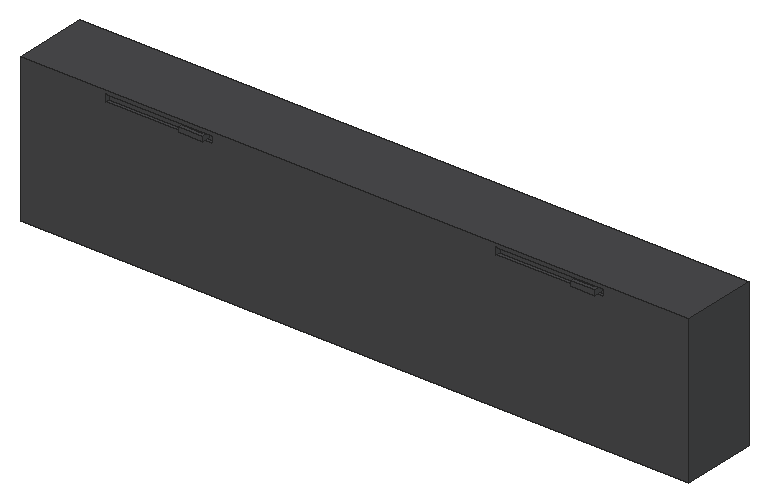
Revit family "STRIPE BLOCK CEILLING 328_DTSM15N3.2", category Luminarias, Revit 2019
Family settings
  Cota de conector redondo = Diámetro de uso
  Tipo de pieza = Normal
  Se basa en plano de trabajo = Sí
  Siempre vertical = Sí
  Corte con vacíos al cargar = No
  Origen de luz = Sí
  Compartido = No
  Punto de cálculo de habitación = No
Parameters (values of type "STRIPE BLOCK CEILLING 328_DTSM15N3.2")
  Ángulo de inclinación = 60.00°
  Zone [instance] = ""
  Watt per fixture = 15
  Wattage = 15 W
  built-in parameter 1150107 = 4000 (stored number, unit not read)
  built-in parameter 1150110 = 1 (stored number, unit not read)
  built-in parameter 1150109 = 1 (stored number, unit not read)
  built-in parameter 1150112 = 1 (stored number, unit not read)
  built-in parameter 1150113 = 1 (stored number, unit not read)
  built-in parameter 1114218 = 1 (stored number, unit not read)
  Keynote = ""
  built-in parameter 1150137 = (empty or 0)
  built-in parameter 1150132 = (empty or 0)
  Modelo = "DTSM15N3.2"
  Lámpara = "3030SMD SAMSUNG"
  built-in parameter 1150105 = 733.28 (stored number, unit not read)
  built-in parameter 1150102 = (empty or 0)
  built-in parameter 1150106 = 7.3328 (stored number, unit not read)
  Lumens = 1260 lm
  Color Filter = 16777215
  built-in parameter 1114217 = 1 (stored number, unit not read)
  built-in parameter 1150139 = (empty or 0)
  Fabricante = "BRILLANT"
  Default Elevation = 1219.2 mm
  built-in parameter 1150104 = 7.8039 (stored number, unit not read)
  Descripción = "LUMINARIA DOWNLIGHT EN FORMATO RECTANGULAR PARA SOBREPONER DIRECTO EN TECHO, CUERPO DE ALUMINIO ACABADO EN COLOR NEGRO, IP 20, PESO 0.72Kg, TIPO DE LED 2835SMD SAMSUNG CON 15W TOTAL, 1150 LUMENES, 84LM/W, IRC 90, TEMPERATURA EN BLANCO FRIO 4000K, 50 MIL HORAS DE VIDA PROMEDIO, APERTURA DE 90 GRADOS POR STOCK, ALIMENTADO A 90-240V"
  built-in parameter 1150115 = 1 (stored number, unit not read)
  built-in parameter 1150114 = 1 (stored number, unit not read)
  Comentarios de vataje = "90-240V"
  built-in parameter 1150138 = (empty or 0)
  built-in parameter 1150134 = 12
  Circuit [instance] = ""
  Dimming Lamp Color Temperature Shift = (empty or 0)
  Archivo de red fotométrica = "L328B-15W-840-B-90_IESNA95.IES"
  built-in parameter 1150133 = 10 (stored number, unit not read)
Reference planes
  plane 1 "Centro (Frontal/Posterior)": y = 0
  plane 2: z = 0
  plane 3 "Centro (Izquierda/Derecha)": x = 0
Forms (mm)
  Extrusion 1, solid, material "Default Form", not visible
    sketch origin (0, 0, 0) x (1, 0, 0) y (0, 0, 1)
      loop
        line (-473, 0) -> (-473, -72) -> (473, -72) -> (473, 0) -> (-473, 0)
    from -18.326 to 18.326
  Blend 2, void, not visible
    base sketch origin (-293.63, 0, 0) x (1, 0, 0) y (0, 1, 0)
      loop
        line (-162, 16.149) -> (-162, -16.149) -> (-144.14, -16.149) -> (-144.14, 16.149) -> (-162, 16.149)
    top sketch origin (-293.63, 0, 0) x (1, 0, 0) y (0, 1, 0)
      loop
        line (-160, 12.149) -> (-160, -12.149) -> (-146.14, -12.149) -> (-146.14, 12.149) -> (-160, 12.149)
    from -72 to -61.591
  Blend 3, void, not visible
    base sketch origin (-267.33, 0, 0) x (1, 0, 0) y (0, 1, 0)
      loop
        line (-162, 16.149) -> (-162, -16.149) -> (-144.14, -16.149) -> (-144.14, 16.149) -> (-162, 16.149)
    top sketch origin (-267.33, 0, 0) x (1, 0, 0) y (0, 1, 0)
      loop
        line (-160, 12.149) -> (-160, -12.149) -> (-146.14, -12.149) -> (-146.14, 12.149) -> (-160, 12.149)
    from -72 to -61.591
  Blend 4, void, not visible
    base sketch origin (-241.03, 0, 0) x (1, 0, 0) y (0, 1, 0)
      loop
        line (-162, 16.149) -> (-162, -16.149) -> (-144.14, -16.149) -> (-144.14, 16.149) -> (-162, 16.149)
    top sketch origin (-241.03, 0, 0) x (1, 0, 0) y (0, 1, 0)
      loop
        line (-160, 12.149) -> (-160, -12.149) -> (-146.14, -12.149) -> (-146.14, 12.149) -> (-160, 12.149)
    from -72 to -61.591
  Blend 5, void, not visible
    base sketch origin (-214.73, 0, 0) x (1, 0, 0) y (0, 1, 0)
      loop
        line (-162, 16.149) -> (-162, -16.149) -> (-144.14, -16.149) -> (-144.14, 16.149) -> (-162, 16.149)
    top sketch origin (-214.73, 0, 0) x (1, 0, 0) y (0, 1, 0)
      loop
        line (-160, 12.149) -> (-160, -12.149) -> (-146.14, -12.149) -> (-146.14, 12.149) -> (-160, 12.149)
    from -72 to -61.591
  Blend 6, void, not visible
    base sketch origin (-188.43, 0, 0) x (1, 0, 0) y (0, 1, 0)
      loop
        line (-162, 16.149) -> (-162, -16.149) -> (-144.14, -16.149) -> (-144.14, 16.149) -> (-162, 16.149)
    top sketch origin (-188.43, 0, 0) x (1, 0, 0) y (0, 1, 0)
      loop
        line (-160, 12.149) -> (-160, -12.149) -> (-146.14, -12.149) -> (-146.14, 12.149) -> (-160, 12.149)
    from -72 to -61.591
  Blend 7, void, not visible
    base sketch origin (-162.13, 0, 0) x (1, 0, 0) y (0, 1, 0)
      loop
        line (-162, 16.149) -> (-162, -16.149) -> (-144.14, -16.149) -> (-144.14, 16.149) -> (-162, 16.149)
    top sketch origin (-162.13, 0, 0) x (1, 0, 0) y (0, 1, 0)
      loop
        line (-160, 12.149) -> (-160, -12.149) -> (-146.14, -12.149) -> (-146.14, 12.149) -> (-160, 12.149)
    from -72 to -61.591
  Blend 8, void, not visible
    base sketch origin (-135.83, 0, 0) x (1, 0, 0) y (0, 1, 0)
      loop
        line (-162, 16.149) -> (-162, -16.149) -> (-144.14, -16.149) -> (-144.14, 16.149) -> (-162, 16.149)
    top sketch origin (-135.83, 0, 0) x (1, 0, 0) y (0, 1, 0)
      loop
        line (-160, 12.149) -> (-160, -12.149) -> (-146.14, -12.149) -> (-146.14, 12.149) -> (-160, 12.149)
    from -72 to -61.591
  Blend 9, void, not visible
    base sketch origin (-109.53, 0, 0) x (1, 0, 0) y (0, 1, 0)
      loop
        line (-162, 16.149) -> (-162, -16.149) -> (-144.14, -16.149) -> (-144.14, 16.149) -> (-162, 16.149)
    top sketch origin (-109.53, 0, 0) x (1, 0, 0) y (0, 1, 0)
      loop
        line (-160, 12.149) -> (-160, -12.149) -> (-146.14, -12.149) -> (-146.14, 12.149) -> (-160, 12.149)
    from -72 to -61.591
  Blend 10, void, not visible
    base sketch origin (-83.23, 0, 0) x (1, 0, 0) y (0, 1, 0)
      loop
        line (-162, 16.149) -> (-162, -16.149) -> (-144.14, -16.149) -> (-144.14, 16.149) -> (-162, 16.149)
    top sketch origin (-83.23, 0, 0) x (1, 0, 0) y (0, 1, 0)
      loop
        line (-160, 12.149) -> (-160, -12.149) -> (-146.14, -12.149) -> (-146.14, 12.149) -> (-160, 12.149)
    from -72 to -61.591
  Blend 11, void, not visible
    base sketch origin (-56.93, 0, 0) x (1, 0, 0) y (0, 1, 0)
      loop
        line (-162, 16.149) -> (-162, -16.149) -> (-144.14, -16.149) -> (-144.14, 16.149) -> (-162, 16.149)
    top sketch origin (-56.93, 0, 0) x (1, 0, 0) y (0, 1, 0)
      loop
        line (-160, 12.149) -> (-160, -12.149) -> (-146.14, -12.149) -> (-146.14, 12.149) -> (-160, 12.149)
    from -72 to -61.591
  Blend 12, void, not visible
    base sketch origin (-30.63, 0, 0) x (1, 0, 0) y (0, 1, 0)
      loop
        line (-162, 16.149) -> (-162, -16.149) -> (-144.14, -16.149) -> (-144.14, 16.149) -> (-162, 16.149)
    top sketch origin (-30.63, 0, 0) x (1, 0, 0) y (0, 1, 0)
      loop
        line (-160, 12.149) -> (-160, -12.149) -> (-146.14, -12.149) -> (-146.14, 12.149) -> (-160, 12.149)
    from -72 to -61.591
  Blend 13, void, not visible
    base sketch origin (-4.33, 0, 0) x (1, 0, 0) y (0, 1, 0)
      loop
        line (-162, 16.149) -> (-162, -16.149) -> (-144.14, -16.149) -> (-144.14, 16.149) -> (-162, 16.149)
    top sketch origin (-4.33, 0, 0) x (1, 0, 0) y (0, 1, 0)
      loop
        line (-160, 12.149) -> (-160, -12.149) -> (-146.14, -12.149) -> (-146.14, 12.149) -> (-160, 12.149)
    from -72 to -61.591
  Blend 14, void, not visible
    base sketch origin (21.97, 0, 0) x (1, 0, 0) y (0, 1, 0)
      loop
        line (-162, 16.149) -> (-162, -16.149) -> (-144.14, -16.149) -> (-144.14, 16.149) -> (-162, 16.149)
    top sketch origin (21.97, 0, 0) x (1, 0, 0) y (0, 1, 0)
      loop
        line (-160, 12.149) -> (-160, -12.149) -> (-146.14, -12.149) -> (-146.14, 12.149) -> (-160, 12.149)
    from -72 to -61.591
  Blend 15, void, not visible
    base sketch origin (48.27, 0, 0) x (1, 0, 0) y (0, 1, 0)
      loop
        line (-162, 16.149) -> (-162, -16.149) -> (-144.14, -16.149) -> (-144.14, 16.149) -> (-162, 16.149)
    top sketch origin (48.27, 0, 0) x (1, 0, 0) y (0, 1, 0)
      loop
        line (-160, 12.149) -> (-160, -12.149) -> (-146.14, -12.149) -> (-146.14, 12.149) -> (-160, 12.149)
    from -72 to -61.591
  Blend 16, void, not visible
    base sketch origin (74.57, 0, 0) x (1, 0, 0) y (0, 1, 0)
      loop
        line (-162, 16.149) -> (-162, -16.149) -> (-144.14, -16.149) -> (-144.14, 16.149) -> (-162, 16.149)
    top sketch origin (74.57, 0, 0) x (1, 0, 0) y (0, 1, 0)
      loop
        line (-160, 12.149) -> (-160, -12.149) -> (-146.14, -12.149) -> (-146.14, 12.149) -> (-160, 12.149)
    from -72 to -61.591
  Blend 17, void, not visible
    base sketch origin (100.87, 0, 0) x (1, 0, 0) y (0, 1, 0)
      loop
        line (-162, 16.149) -> (-162, -16.149) -> (-144.14, -16.149) -> (-144.14, 16.149) -> (-162, 16.149)
    top sketch origin (100.87, 0, 0) x (1, 0, 0) y (0, 1, 0)
      loop
        line (-160, 12.149) -> (-160, -12.149) -> (-146.14, -12.149) -> (-146.14, 12.149) -> (-160, 12.149)
    from -72 to -61.591
  Blend 18, void, not visible
    base sketch origin (127.17, 0, 0) x (1, 0, 0) y (0, 1, 0)
      loop
        line (-162, 16.149) -> (-162, -16.149) -> (-144.14, -16.149) -> (-144.14, 16.149) -> (-162, 16.149)
    top sketch origin (127.17, 0, 0) x (1, 0, 0) y (0, 1, 0)
      loop
        line (-160, 12.149) -> (-160, -12.149) -> (-146.14, -12.149) -> (-146.14, 12.149) -> (-160, 12.149)
    from -72 to -61.591
  Blend 19, void, not visible
    base sketch origin (153.47, 0, 0) x (1, 0, 0) y (0, 1, 0)
      loop
        line (-162, 16.149) -> (-162, -16.149) -> (-144.14, -16.149) -> (-144.14, 16.149) -> (-162, 16.149)
    top sketch origin (153.47, 0, 0) x (1, 0, 0) y (0, 1, 0)
      loop
        line (-160, 12.149) -> (-160, -12.149) -> (-146.14, -12.149) -> (-146.14, 12.149) -> (-160, 12.149)
    from -72 to -61.591
  Blend 20, void, not visible
    base sketch origin (179.77, 0, 0) x (1, 0, 0) y (0, 1, 0)
      loop
        line (-162, 16.149) -> (-162, -16.149) -> (-144.14, -16.149) -> (-144.14, 16.149) -> (-162, 16.149)
    top sketch origin (179.77, 0, 0) x (1, 0, 0) y (0, 1, 0)
      loop
        line (-160, 12.149) -> (-160, -12.149) -> (-146.14, -12.149) -> (-146.14, 12.149) -> (-160, 12.149)
    from -72 to -61.591
  Blend 21, void, not visible
    base sketch origin (206.07, 0, 0) x (1, 0, 0) y (0, 1, 0)
      loop
        line (-162, 16.149) -> (-162, -16.149) -> (-144.14, -16.149) -> (-144.14, 16.149) -> (-162, 16.149)
    top sketch origin (206.07, 0, 0) x (1, 0, 0) y (0, 1, 0)
      loop
        line (-160, 12.149) -> (-160, -12.149) -> (-146.14, -12.149) -> (-146.14, 12.149) -> (-160, 12.149)
    from -72 to -61.591
  Blend 22, void, not visible
    base sketch origin (232.37, 0, 0) x (1, 0, 0) y (0, 1, 0)
      loop
        line (-162, 16.149) -> (-162, -16.149) -> (-144.14, -16.149) -> (-144.14, 16.149) -> (-162, 16.149)
    top sketch origin (232.37, 0, 0) x (1, 0, 0) y (0, 1, 0)
      loop
        line (-160, 12.149) -> (-160, -12.149) -> (-146.14, -12.149) -> (-146.14, 12.149) -> (-160, 12.149)
    from -72 to -61.591
  Blend 23, void, not visible
    base sketch origin (258.67, 0, 0) x (1, 0, 0) y (0, 1, 0)
      loop
        line (-162, 16.149) -> (-162, -16.149) -> (-144.14, -16.149) -> (-144.14, 16.149) -> (-162, 16.149)
    top sketch origin (258.67, 0, 0) x (1, 0, 0) y (0, 1, 0)
      loop
        line (-160, 12.149) -> (-160, -12.149) -> (-146.14, -12.149) -> (-146.14, 12.149) -> (-160, 12.149)
    from -72 to -61.591
  Blend 24, void, not visible
    base sketch origin (284.97, 0, 0) x (1, 0, 0) y (0, 1, 0)
      loop
        line (-162, 16.149) -> (-162, -16.149) -> (-144.14, -16.149) -> (-144.14, 16.149) -> (-162, 16.149)
    top sketch origin (284.97, 0, 0) x (1, 0, 0) y (0, 1, 0)
      loop
        line (-160, 12.149) -> (-160, -12.149) -> (-146.14, -12.149) -> (-146.14, 12.149) -> (-160, 12.149)
    from -72 to -61.591
  Blend 25, void, not visible
    base sketch origin (311.27, 0, 0) x (1, 0, 0) y (0, 1, 0)
      loop
        line (-162, 16.149) -> (-162, -16.149) -> (-144.14, -16.149) -> (-144.14, 16.149) -> (-162, 16.149)
    top sketch origin (311.27, 0, 0) x (1, 0, 0) y (0, 1, 0)
      loop
        line (-160, 12.149) -> (-160, -12.149) -> (-146.14, -12.149) -> (-146.14, 12.149) -> (-160, 12.149)
    from -72 to -61.591
  Blend 26, void, not visible
    base sketch origin (337.57, 0, 0) x (1, 0, 0) y (0, 1, 0)
      loop
        line (-162, 16.149) -> (-162, -16.149) -> (-144.14, -16.149) -> (-144.14, 16.149) -> (-162, 16.149)
    top sketch origin (337.57, 0, 0) x (1, 0, 0) y (0, 1, 0)
      loop
        line (-160, 12.149) -> (-160, -12.149) -> (-146.14, -12.149) -> (-146.14, 12.149) -> (-160, 12.149)
    from -72 to -61.591
  Blend 27, void, not visible
    base sketch origin (363.87, 0, 0) x (1, 0, 0) y (0, 1, 0)
      loop
        line (-162, 16.149) -> (-162, -16.149) -> (-144.14, -16.149) -> (-144.14, 16.149) -> (-162, 16.149)
    top sketch origin (363.87, 0, 0) x (1, 0, 0) y (0, 1, 0)
      loop
        line (-160, 12.149) -> (-160, -12.149) -> (-146.14, -12.149) -> (-146.14, 12.149) -> (-160, 12.149)
    from -72 to -61.591
  Blend 28, void, not visible
    base sketch origin (390.17, 0, 0) x (1, 0, 0) y (0, 1, 0)
      loop
        line (-162, 16.149) -> (-162, -16.149) -> (-144.14, -16.149) -> (-144.14, 16.149) -> (-162, 16.149)
    top sketch origin (390.17, 0, 0) x (1, 0, 0) y (0, 1, 0)
      loop
        line (-160, 12.149) -> (-160, -12.149) -> (-146.14, -12.149) -> (-146.14, 12.149) -> (-160, 12.149)
    from -72 to -61.591
  Blend 29, void, not visible
    base sketch origin (416.47, 0, 0) x (1, 0, 0) y (0, 1, 0)
      loop
        line (-162, 16.149) -> (-162, -16.149) -> (-144.14, -16.149) -> (-144.14, 16.149) -> (-162, 16.149)
    top sketch origin (416.47, 0, 0) x (1, 0, 0) y (0, 1, 0)
      loop
        line (-160, 12.149) -> (-160, -12.149) -> (-146.14, -12.149) -> (-146.14, 12.149) -> (-160, 12.149)
    from -72 to -61.591
  Blend 30, void, not visible
    base sketch origin (442.77, 0, 0) x (1, 0, 0) y (0, 1, 0)
      loop
        line (-162, 16.149) -> (-162, -16.149) -> (-144.14, -16.149) -> (-144.14, 16.149) -> (-162, 16.149)
    top sketch origin (442.77, 0, 0) x (1, 0, 0) y (0, 1, 0)
      loop
        line (-160, 12.149) -> (-160, -12.149) -> (-146.14, -12.149) -> (-146.14, 12.149) -> (-160, 12.149)
    from -72 to -61.591
  Blend 31, void, not visible
    base sketch origin (469.07, 0, 0) x (1, 0, 0) y (0, 1, 0)
      loop
        line (-162, 16.149) -> (-162, -16.149) -> (-144.14, -16.149) -> (-144.14, 16.149) -> (-162, 16.149)
    top sketch origin (469.07, 0, 0) x (1, 0, 0) y (0, 1, 0)
      loop
        line (-160, 12.149) -> (-160, -12.149) -> (-146.14, -12.149) -> (-146.14, 12.149) -> (-160, 12.149)
    from -72 to -61.591
  Blend 32, void, not visible
    base sketch origin (495.37, 0, 0) x (1, 0, 0) y (0, 1, 0)
      loop
        line (-162, 16.149) -> (-162, -16.149) -> (-144.14, -16.149) -> (-144.14, 16.149) -> (-162, 16.149)
    top sketch origin (495.37, 0, 0) x (1, 0, 0) y (0, 1, 0)
      loop
        line (-160, 12.149) -> (-160, -12.149) -> (-146.14, -12.149) -> (-146.14, 12.149) -> (-160, 12.149)
    from -72 to -61.591
  Blend 33, void, not visible
    base sketch origin (521.67, 0, 0) x (1, 0, 0) y (0, 1, 0)
      loop
        line (-162, 16.149) -> (-162, -16.149) -> (-144.14, -16.149) -> (-144.14, 16.149) -> (-162, 16.149)
    top sketch origin (521.67, 0, 0) x (1, 0, 0) y (0, 1, 0)
      loop
        line (-160, 12.149) -> (-160, -12.149) -> (-146.14, -12.149) -> (-146.14, 12.149) -> (-160, 12.149)
    from -72 to -61.591
  Blend 34, void, not visible
    base sketch origin (547.97, 0, 0) x (1, 0, 0) y (0, 1, 0)
      loop
        line (-162, 16.149) -> (-162, -16.149) -> (-144.14, -16.149) -> (-144.14, 16.149) -> (-162, 16.149)
    top sketch origin (547.97, 0, 0) x (1, 0, 0) y (0, 1, 0)
      loop
        line (-160, 12.149) -> (-160, -12.149) -> (-146.14, -12.149) -> (-146.14, 12.149) -> (-160, 12.149)
    from -72 to -61.591
  Blend 35, void, not visible
    base sketch origin (574.27, 0, 0) x (1, 0, 0) y (0, 1, 0)
      loop
        line (-162, 16.149) -> (-162, -16.149) -> (-144.14, -16.149) -> (-144.14, 16.149) -> (-162, 16.149)
    top sketch origin (574.27, 0, 0) x (1, 0, 0) y (0, 1, 0)
      loop
        line (-160, 12.149) -> (-160, -12.149) -> (-146.14, -12.149) -> (-146.14, 12.149) -> (-160, 12.149)
    from -72 to -61.591
  Blend 36, void, not visible
    base sketch origin (600.57, 0, 0) x (1, 0, 0) y (0, 1, 0)
      loop
        line (-162, 16.149) -> (-162, -16.149) -> (-144.14, -16.149) -> (-144.14, 16.149) -> (-162, 16.149)
    top sketch origin (600.57, 0, 0) x (1, 0, 0) y (0, 1, 0)
      loop
        line (-160, 12.149) -> (-160, -12.149) -> (-146.14, -12.149) -> (-146.14, 12.149) -> (-160, 12.149)
    from -72 to -61.591
  Extrusion 37, solid, not visible
    sketch origin (-463.861, 0, 3.217) x (0, -1, 0) y (0, 0, -1)
      loop
        line (18.326, 3.217) -> (-18.326, 3.217) -> (-18.326, 73.917) -> (-32.183, 73.917) -> (-32.183, 72.617) -> (-19.626, 72.617) -> (-19.626, 1.917) -> (19.626, 1.917) -> (19.626, 72.617) -> (32.183, 72.617) -> (32.183, 73.917) -> (18.326, 73.917) -> (18.326, 3.217)
    from 89.098 to 128.24
  Extrusion 38, solid, not visible
    sketch origin (-246.523, 0, 3.217) x (0, -1, 0) y (0, 0, 1)
      loop
        line (-19.626, -1.917) -> (19.626, -1.917) -> (19.626, -63.89) -> (20.426, -63.89) -> (20.426, -1.117) -> (-20.426, -1.117) -> (-20.426, -63.89) -> (-19.626, -63.89) -> (-19.626, -1.917)
    from 122.954 to 124.098
  Extrusion 39, solid, not visible
    sketch origin (-463.861, 0, 3.217) x (0, -1, 0) y (0, 0, -1)
      loop
        line (-19.626, 1.917) -> (-19.626, 63.89) -> (-20.426, 63.89) -> (-20.426, 1.117) -> (20.426, 1.117) -> (20.426, 63.89) -> (19.626, 63.89) -> (19.626, 1.917) -> (-19.626, 1.917)
    from 122.954 to 124.098
  Extrusion 40, void, not visible
    sketch origin (0, 0, 0) x (1, 0, 0) y (0, 1, 0)
      loop
        circle (-363.799, -25.904) r 2.055
      loop
        circle (-346.585, -25.904) r 2.055
      loop
        circle (-363.799, 25.904) r 2.055
      loop
        circle (-346.585, 25.904) r 2.055
    from -70.7 to -69.4
  Extrusion 41, solid, material "Default Form"
    sketch origin (0, 0, 72) x (1, 0, 0) y (0, 0, -1)
      loop
        line (-164, 0) -> (164, 0) -> (164, 72) -> (-164, 72) -> (-164, 0)
    from -18.326 to 18.326
  Blend 42, void
    base sketch origin (21.97, 130.851, 72) x (1, 0, 0) y (0, 1, 0)
      loop
        line (-182.783, -147) -> (138.539, -147) -> (138.539, -114.702) -> (-182.783, -114.702) -> (-182.783, -147)
    top sketch origin (21.97, 130.851, 72) x (1, 0, 0) y (0, 1, 0)
      loop
        line (-179.729, -143) -> (135.271, -143) -> (135.271, -118.702) -> (-179.729, -118.702) -> (-179.729, -143)
    from -72 to -61.591
  Extrusion 43, void
    sketch origin (0, 0, 0) x (1, 0, 0) y (0, 1, 0)
      loop
        line (-122.17, -18.326) -> (-69.57, -18.326) -> (-69.57, -16.149) -> (-122.17, -16.149) -> (-122.17, -18.326)
      loop
        line (122.17, -18.326) -> (122.17, -16.149) -> (69.57, -16.149) -> (69.57, -18.326) -> (122.17, -18.326)
      loop
        line (-122.17, 18.326) -> (-122.17, 16.149) -> (-69.57, 16.149) -> (-69.57, 18.326) -> (-122.17, 18.326)
      loop
        line (122.17, 18.326) -> (69.57, 18.326) -> (69.57, 16.149) -> (122.17, 16.149) -> (122.17, 18.326)
    from 66.852 to 70.535
  Extrusion 44, solid, material "Default Form"
    sketch origin (0, 0, 0) x (1, 0, 0) y (0, 1, 0)
      loop
        line (-73.041, -16.149) -> (-74.374, -16.149) -> (-74.374, -18.326) -> (-84.875, -18.326) -> (-84.875, -20.238) -> (-73.041, -20.238) -> (-73.041, -16.149)
      loop
        line (119.435, -16.149) -> (118.101, -16.149) -> (118.101, -18.326) -> (107.601, -18.326) -> (107.601, -20.238) -> (119.435, -20.238) -> (119.435, -16.149)
      loop
        line (-73.041, 16.149) -> (-73.041, 20.238) -> (-84.875, 20.238) -> (-84.875, 18.326) -> (-74.374, 18.326) -> (-74.374, 16.149) -> (-73.041, 16.149)
      loop
        line (119.435, 16.149) -> (119.435, 20.238) -> (107.601, 20.238) -> (107.601, 18.326) -> (118.101, 18.326) -> (118.101, 16.149) -> (119.435, 16.149)
    from 67.466 to 69.773
Cuts and joins
  Blend 42, Extrusion 43 cuts Extrusion 41
Dimensions and locks
  cut or joined group of Extrusion 41, Blend 42, Extrusion 43 to cut or joined group of Extrusion 41, Blend 42, Extrusion 43 = 72 mm  (x2)
  cut or joined group of Extrusion 41, Blend 42, Extrusion 43 to cut or joined group of Extrusion 41, Blend 42, Extrusion 43 = 36.651 mm
  cut or joined group of Extrusion 41, Blend 42, Extrusion 43 to cut or joined group of Extrusion 41, Blend 42, Extrusion 43 = 328 mm
  aligned and locked: level to plane 2
Connectors
  electrical at (0, 0, 72)
    settings: on cut or joined group of Extrusion 41, Blend 42, Extrusion 43, index 1, voltage 0 V, apparent load 0 VA, apparent load phase1 0 VA, apparent load phase2 0 VA, apparent load phase3 0 VA, power factor 1, load classification "Otro", number of poles 1, system type 31, power factor state 1, is connector primary yes, connector utility no, sub classification motor no, connector description ""
